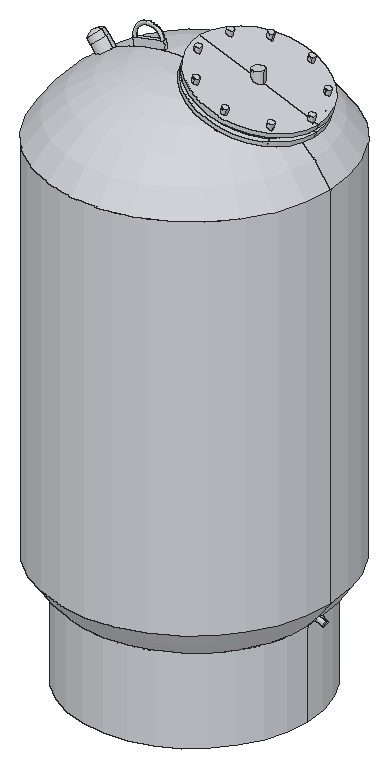
Revit family "NLA-1000", category Mechanical Equipment, Revit 2014
Parameters (values of type "NLA-1000")
  VoidLength = D * 0.25  # 190.5 mm
  URL = "http://westank.com/"
  TankVolume = "264 Gallons"
  SystemConnectionAngle = 50.00°
  PartNumber = "22011000"
  OuterRadius = D / 2  # 381 mm
  Model = "NLA-1000"
  MaximumOperatingTemperature = "240°F"
  MaximumOperatingPressure = "125 PSIG"
  Manufacturer = "Wessels Company"
  InnerRadius = (D * 0.9844) / 2  # 375.056 mm
  HandleAngle = 120.00°
  G = 133.35 mm
  F = 19.05 mm
  DrainAngle = 63.00°
  D = 762 mm
  C = 38.1 mm
  BottomOfTheCylinder = 155.4 mm
  B = 1905 mm
  ApproximateShipmentWeight = "710 lbs"
  Angle = 35.00°
  A = 914.4 mm
Reference planes
  plane 1 "Center (Front/Back)": y = 0
  plane 2: z = 0
  plane 3 "Center (Left/Right)": x = 0
  plane 4: x = -457.2
  plane 5: x = -95.25
  plane 6: x = 95.25
  plane 7: z = 155.4
  plane 8: z = 1875.9
  plane 9: z = 1896
  plane 10: y = 50
  plane 11: y = -50
  plane 12: z = 1905
  plane 13: x = 457.2
  plane 14: z = 1596.969
  plane 15: x = 139.7
  plane 16: y = 3.969
  plane 17: y = -3.969
  plane 18: x = -457.2
  plane 19: x = 457.2
  plane 20: x = -381
  plane 21: x = 381
  plane 22: z = 1861.034
  plane 23: z = 538.756
  plane 24: y = 0
  plane 25: y = 209.013
  plane 26: y = -209.013
  plane 27: x = 2195.636
  plane 28: through (218.379, -4572, 1893.34) normal (-0.9562, 0, 0.2929)
  plane 29: through (415.407, -4572, 337.785) normal (0.454, 0, 0.891)
  plane 30: through (406.759, -4572, 320.812) normal (0.454, 0, 0.891)
  plane 31: z = 1574.676
  plane 32: z = 1561.976
  plane 33: z = 1587.376
  plane 34: through (-216.121, -4572, 1815.325) normal (-0.1908, 0, 0.9816)
Forms (mm)
  Revolve 1, solid
    sketch origin (0, 0, -130.175) x (1, 0, 0) y (0, 0, 1)
      loop
        arc (0, 1978.642) -> (-260.611, 1932.78) -> (-457.2, 1755.651) r 479.447
        line (-457.2, 1755.651) -> (-457.2, 511.133)
        arc (-457.2, 511.133) -> (-260.611, 334.004) -> (0, 288.142) r 479.447
        line (0, 288.142) -> (0, 1978.642)
      axis (0, 1978.642) -> (0, 288.142)
    angle from 0 to 360
  Extrusion 2, solid
    sketch origin (0, 0, 0) x (1, 0, 0) y (0, 1, 0)
      loop
        circle (0, 0) r 381
      loop
        circle (0, 0) r 375.056
    from 307.642 to 0
  Revolve 3, solid
    sketch origin (-204.375, 0, 1669.677) x (-0.643591, 0, 0.765369) y (-0.765369, 0, -0.643591)
      loop
        line (138.391, -1.826) -> (138.391, -29.471) -> (176.654, -29.471) -> (176.654, -28.634) -> (197.18, -28.634)
        arc (197.18, -28.634) -> (205.949, -16.661) -> (206.379, -1.826) r 24.981
        line (206.379, -1.826) -> (138.391, -1.826)
      axis (138.391, -1.826) -> (206.379, -1.826)
    angle from 0 to 360
  Revolve 4, solid
    sketch origin (5.658, 0, 535.873) x (0.891007, 0, -0.45399) y (0.45399, 0, 0.891007)
      loop
        line (455.019, 0) -> (487.539, 0) -> (487.539, 9.525) -> (455.019, 9.525) -> (455.019, 0)
      axis (455.019, 0) -> (487.539, 0)
    angle from 0 to 360
  Revolve 5, solid
    sketch origin (123.927, 0, 1582.256) x (0.309017, 0, 0.951057) y (-0.951057, 0, 0.309017)
      loop
        line (305.653, 0) -> (210.653, 0) -> (210.653, -154.211)
        arc (210.653, -154.211) -> (235.653, -148.485) -> (260.653, -154.211) r 57.441
        line (260.653, -154.211) -> (260.653, -209.154) -> (275.653, -209.154) -> (275.653, -193.501) -> (290.653, -193.501) -> (290.653, -209.154) -> (305.653, -209.154) -> (305.653, 0)
      axis (210.653, 0) -> (305.653, 0)
    angle from 0 to 360
  Extrusion 6, solid
    sketch origin (218.379, -6.563, 1872.949) x (0.951057, 0, -0.309017) y (0, 1, 0)
      loop
        circle (-95.191, 162.731) r 10
    from 15 to -60
  Extrusion 7, solid
    sketch origin (214.315, -4.981, 1874.269) x (0.72184, -0.651106, -0.23454) y (0.619238, 0.758987, -0.201203)
      loop
        circle (-95.191, 162.731) r 10
    from 15 to -60
  Extrusion 8, solid
    sketch origin (212.21, -0.998, 1874.953) x (0.144678, -0.988362, -0.047009) y (0.939988, 0.152123, -0.305421)
      loop
        circle (-95.191, 162.731) r 10
    from 15 to -60
  Extrusion 9, solid
    sketch origin (213.078, 3.465, 1874.671) x (-0.502223, -0.849202, 0.163182) y (0.807639, -0.528068, -0.262418)
      loop
        circle (-95.191, 162.731) r 10
    from 15 to -60
  Extrusion 10, solid
    sketch origin (216.502, 6.259, 1873.559) x (-0.907039, -0.300705, 0.294715) y (0.285988, -0.953717, -0.092923)
      loop
        circle (-95.191, 162.731) r 10
    from 15 to -60
  Extrusion 11, solid
    sketch origin (220.83, 6.035, 1872.153) x (-0.874639, 0.392739, 0.284187) y (-0.373517, -0.91965, 0.121363)
      loop
        circle (-95.191, 162.731) r 10
    from 15 to -60
  Extrusion 12, solid
    sketch origin (223.976, 2.903, 1871.13) x (-0.420641, 0.896873, 0.136675) y (-0.852977, -0.442288, 0.277149)
      loop
        circle (-95.191, 162.731) r 10
    from 15 to -60
  Extrusion 13, solid
    sketch origin (224.425, -1.629, 1870.985) x (0.236117, 0.968691, -0.076719) y (-0.92128, 0.248268, 0.299342)
      loop
        circle (-95.191, 162.731) r 10
    from 15 to -60
  Extrusion 14, solid
    sketch origin (221.958, -5.376, 1871.786) x (0.77906, 0.573576, -0.253132) y (-0.545503, 0.819153, 0.177245)
      loop
        circle (-95.191, 162.731) r 10
    from 15 to -60
  Extrusion 15, solid
    sketch origin (217.749, 0, 2361.781) x (1, 0, 0) y (0, 1, 0)
      loop
        circle (-3.6, 0) r 19.05
    from -456.781 to -496.888
  Sweep 16, solid
    path origin (-320.675, 0, 1011.918) x (-1, 0, 0) y (0, 0, -1)
      loop
        arc (154.99, 44.45) -> (199.44, 0) -> (154.99, -44.45) r 44.45
    profile origin (-520.115, 0, 1011.918) x (-1, 0, 0) y (0, -1, 0)
      loop
        circle (0, 0) r 3.969
  Extrusion 17, solid
    sketch origin (-196.85, 0, 1011.918) x (-1, 0, 0) y (0, 0, -1)
      loop
        line (278.815, 48.402) -> (254, 48.402) -> (254, -48.501) -> (278.815, -48.501) -> (278.815, 48.402)
    from 3.969 to -3.969
  Extrusion 18, solid
    sketch origin (0, 0, 0) x (0, 1, 0) y (0, 0, 1)
      loop
        circle (0, 1574.676) r 12.7
    from -448.336 to -488.334
Cuts and joins
  joined: Revolve 1, Extrusion 2, Revolve 3, Extrusion 17
Lines and regions (mm)
  reference lines
    curve 1: line (0, 0, 1596.969) -> (-150.847, 0, 1702.593)
    curve 2: line (0, 0, 1596.969) -> (-92.075, 0, 1756.448)
    curve 3: line (0, 0, 538.756) -> (418.684, 0, 325.425)
Dimensions and locks
  equal spacing: plane 6, plane 3 "Center (Left/Right)", plane 5
  "VoidLength": plane 6 to plane 5
  "BottomOfTheCylinder": plane 7 to level
  locked: plane 9 to plane 8 at 20.1
  equal spacing: plane 10, plane 1 "Center (Front/Back)", plane 11
  "B": plane 12 to level
  equal spacing: plane 13, plane 3 "Center (Left/Right)", plane 4
  "A": plane 13 to plane 4
  locked: plane 12 to plane 9 at 9
  equal spacing: plane 16, curve 2, plane 17
  equal spacing: plane 19, plane 3 "Center (Left/Right)", plane 18
  "A": plane 19 to plane 18
  equal spacing: plane 21, plane 3 "Center (Left/Right)", plane 20
  "D": plane 21 to plane 20
  locked: Revolve 3 sketch curve to Revolve 3 sketch curve at 0.837
  locked: Revolve 5 sketch curve to Revolve 5 sketch curve at 15  (x3)
  locked: Revolve 5 sketch curve to Revolve 5 sketch curve at 50
  locked: Revolve 5 to Extrusion 6 at 15
  locked: Extrusion 6 to Revolve 5 at 15
  equal spacing: plane 25, plane 24, plane 26
  Revolve 4 sketch curve to Revolve 4 sketch curve = 9.525 mm
  equal spacing: plane 29, curve 3, plane 30
  "F": plane 29 to plane 30
  locked: Revolve 1 to plane 31 at 50.8
  plane 33 to plane 32 = 25.4 mm
  "OuterRadius": radius of Extrusion 2 sketch curve
  "InnerRadius": radius of Extrusion 2 sketch curve
  diameter of Extrusion 15 sketch curve = 38.1 mm
  "Angle": angle curve 1 to plane 14
  "HandleAngle": angle plane 14 to curve 2
  "DrainAngle": angle plane 3 "Center (Left/Right)" to curve 3
  aligned and locked: level to plane 2
  aligned and locked: Extrusion 2 to level
  aligned and locked: plane 4 to Revolve 1 sketch curve
  aligned and locked: plane 3 "Center (Left/Right)" to curve 1
  aligned and locked: plane 14 to curve 1
  aligned and locked: Revolve 3 sketch curve to Revolve 3 sketch curve
  aligned and locked: plane 14 to curve 2
  aligned and locked: plane 3 "Center (Left/Right)" to curve 2
  aligned and locked: plane 23 to curve 3
  aligned and locked: plane 3 "Center (Left/Right)" to curve 3
  aligned and locked: curve 3 to Revolve 4 sketch curve
  aligned and locked: Revolve 5 sketch curve to Revolve 5 sketch curve
  aligned and locked: plane 24 to Revolve 5
  aligned and locked: plane 29 to Revolve 4
  aligned and locked: plane 30 to Revolve 4
  aligned and locked: plane 12 to Extrusion 15
  aligned and locked: Extrusion 17 sketch curve to Sweep 16
Automatic sketch dimensions
  Revolve 1 sketch curve to plane 3 "Center (Left/Right)" = 0 mm  (x2)
  plane 7 to Revolve 1 sketch curve = 2.567 mm
  level to Revolve 1 sketch curve = 380.958 mm
  Revolve 1 sketch curve to plane 14 = 225.289 mm
  plane 14 to Revolve 1 sketch curve = 28.507 mm
  Revolve 1 sketch curve to Revolve 1 sketch curve = 0 mm
  Revolve 1 sketch curve to Revolve 1 sketch curve = 17.567 mm
  curve 1 to Revolve 3 sketch curve = 147.648 mm
  Revolve 3 sketch curve to Revolve 3 sketch curve = 38.263 mm
  Revolve 3 sketch curve to Revolve 3 sketch curve = 0 mm
  Revolve 3 sketch curve to Revolve 3 sketch curve = 5.667 mm
  Revolve 3 sketch curve to Revolve 3 sketch curve = 20.527 mm
  Revolve 3 sketch curve to Revolve 3 sketch curve = 24.058 mm
  curve 1 to Revolve 3 sketch curve = 32.682 mm
  Revolve 3 sketch curve to Revolve 3 sketch curve = 20.081 mm
  curve 1 to Revolve 3 sketch curve = 9.257 mm
  Revolve 3 sketch curve to Revolve 3 sketch curve = 1.829 mm
  curve 3 to Revolve 4 sketch curve = 0 mm
  Revolve 4 sketch curve to curve 3 = 8.531 mm
  curve 3 to Revolve 4 sketch curve = 23.989 mm
  curve 3 to Revolve 4 sketch curve = 6.35 mm  (x2)
  Revolve 5 sketch curve to Revolve 5 sketch curve = 25 mm
  plane 21 to Revolve 5 sketch curve = 36.296 mm
  Revolve 5 sketch curve to Revolve 5 sketch curve = 3.228 mm
  Revolve 5 sketch curve to Revolve 5 sketch curve = 15.654 mm
  Revolve 5 sketch curve to Revolve 5 sketch curve = 51.715 mm
  Revolve 5 sketch curve to Revolve 5 sketch curve = 154.211 mm
  Revolve 5 sketch curve to Revolve 5 sketch curve = 213.031 mm
  Revolve 5 sketch curve to Revolve 5 sketch curve = 3.231 mm
  Revolve 5 sketch curve to Revolve 5 sketch curve = 0 mm
  plane 1 "Center (Front/Back)" to Extrusion 15 sketch curve = 0 mm
  Extrusion 15 sketch curve to plane 15 = 74.449 mm
  curve 2 to Sweep 16 sketch curve = 475.665 mm
  curve 2 to Sweep 16 sketch curve = 585.052 mm
  Sweep 16 sketch curve to Sweep 16 sketch curve = 44.45 mm
  Sweep 16 sketch curve to profile plane = 0 mm
  profile plane to Sweep 16 sketch curve = 0 mm
  Extrusion 17 sketch curve to Extrusion 17 sketch curve = 24.815 mm
  curve 2 to Extrusion 17 sketch curve = 536.55 mm
  Extrusion 17 sketch curve to Extrusion 17 sketch curve = 96.904 mm
  Extrusion 18 sketch curve to plane 1 "Center (Front/Back)" = 0 mm
  plane 31 to Extrusion 18 sketch curve = 0 mm
  Extrusion 2 sketch curve to Extrusion 2 sketch curve = 0 mm  (x2)
  plane 1 "Center (Front/Back)" to Extrusion 2 sketch curve = 0 mm
  Extrusion 2 sketch curve to plane 3 "Center (Left/Right)" = 0 mm
  plane 5 to Revolve 1 sketch curve = 44.814 mm  (x2)
  Revolve 5 sketch curve to plane 28 = 4.363 mm
  radius of Extrusion 6 sketch curve = 10 mm
  radius of Extrusion 7 sketch curve = 10 mm
  radius of Extrusion 8 sketch curve = 10 mm
  radius of Extrusion 9 sketch curve = 10 mm
  radius of Extrusion 10 sketch curve = 10 mm
  radius of Extrusion 11 sketch curve = 10 mm
  radius of Extrusion 12 sketch curve = 10 mm
  radius of Extrusion 13 sketch curve = 10 mm
  radius of Extrusion 14 sketch curve = 10 mm
  radius of Sweep 16 sketch curve = 3.969 mm
  radius of Extrusion 18 sketch curve = 12.7 mm
Nested families
  nested 1: "Hook" at (-152.017, 8.747, 1827.786) x (-0.9792, -0.0698, -0.1903) z (-0.1908, 0, 0.9816), type "Hook"
Connectors
  piping at (214.149, 0, 1905), diameter 38.1, driven by "C"
    settings: on Extrusion 15, index 1, connector inside diameter 24", connector length 0 mm, flow factor 0, pipe flow 0 GPM, pressure drop 0.00 psi, fitting loss kfactor 0, connector angle 0.00°, fixture units 0, engagement length 0 mm, angle of deflection 0.00°, flow configuration 0, flow direction 0, fitting loss method 0, system type 7, joint type 0, gender type 0, connector reference index -1, connector utility 0, adjustable connector no, is connector primary yes, connector description ""
  piping at (440.059, 0, 314.535), diameter 19.05, driven by "F"
    settings: on Revolve 4, index 2, connector inside diameter 24", connector length 0 mm, flow factor 0, pipe flow 0 GPM, pressure drop 0.00 psi, fitting loss kfactor 0, connector angle 0.00°, fixture units 0, engagement length 0 mm, angle of deflection 0.00°, flow configuration 0, flow direction 0, fitting loss method 0, system type 7, joint type 0, gender type 0, connector reference index -1, connector utility 0, adjustable connector no, is connector primary no, connector description ""
Definition of nested family "Hook"
  Parameters (values of type "Hook")
    Length = 100 mm
    Height = 35 mm
    Depth = 10 mm
    Default Elevation = 1219.2 mm
    CircleDiameter = Length * 0.1  # 10 mm
  Reference planes
    plane 1 "Center (Front/Back)": y = 0
    plane 2: z = 0
    plane 3 "Center (Left/Right)": x = 0
    plane 4: y = 5
    plane 5: y = -5
    plane 6: x = -50
    plane 7: x = 50
    plane 8: z = 35
    plane 9: x = -40
    plane 10: x = 40
    plane 11: x = -45
    plane 12: x = 45
    plane 13: z = 80.104
  Forms (mm)
    Extrusion 1, solid
      sketch origin (0, 0, 0) x (1, 0, 0) y (0, 1, 0)
        loop
          line (-1219.2, 1219.2) -> (-1219.2, -1219.2) -> (1219.2, -1219.2) -> (1219.2, 1219.2) -> (-1219.2, 1219.2)
      from 0 to -304.8
    Extrusion 2, solid
      sketch origin (0, 0, 0) x (1, 0, 0) y (0, 1, 0)
        loop
          line (-50, 5) -> (-50, -5) -> (50, -5) -> (50, 5) -> (-50, 5)
      from 0 to 35
    Sweep 3, solid
      path origin (0, 0, 0) x (1, 0, 0) y (0, 0, 1)
        loop
          arc (-45, 35) -> (0, 80) -> (45, 35) r 45
      profile origin (0, 0, 80) x (0, 0, 1) y (0, -1, 0)
        loop
          circle (0, 0) r 5
  Dimensions and locks
    equal spacing: plane 4, plane 1 "Center (Front/Back)", plane 5
    "Depth": plane 4 to plane 5
    equal spacing: plane 6, plane 3 "Center (Left/Right)", plane 7
    "Length": plane 6 to plane 7
    "Height": plane 8 to Extrusion 1
    locked: plane 1 "Center (Front/Back)" to Sweep 3 sketch curve at 0
    equal spacing: plane 9, plane 11, plane 6
    equal spacing: plane 7, plane 12, plane 10
    locked: plane 7 to plane 12 at 5
    locked: plane 11 to plane 6 at 5
    "CircleDiameter": diameter of Sweep 3 sketch curve
    aligned and locked: plane 2 to Extrusion 1
    aligned and locked: level to Extrusion 1
    aligned and locked: Extrusion 2 sketch curve to plane 4
    aligned and locked: plane 6 to Extrusion 2 sketch curve
    aligned and locked: plane 5 to Extrusion 2 sketch curve
    aligned and locked: Extrusion 2 sketch curve to plane 7
    aligned and locked: plane 8 to Extrusion 2
    aligned and locked: plane 8 to Sweep 3 sketch curve  (x2)
    aligned and locked: plane 11 to Sweep 3 sketch curve
    aligned and locked: plane 12 to Sweep 3 sketch curve
  Automatic sketch dimensions
    Extrusion 1 sketch curve to Extrusion 1 sketch curve = 2438.4 mm  (x2)
    Extrusion 2 sketch curve to plane 6 = 0 mm
    profile plane to Sweep 3 sketch curve = 0 mm
